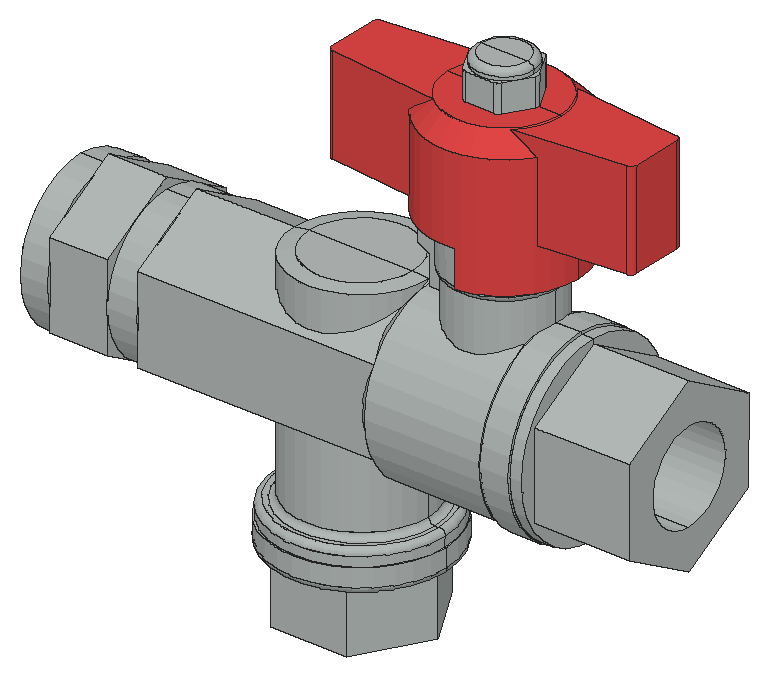
Revit family "QD36100000", category Apparecchi idraulici, Revit 2020
Family settings
  Quota connettore circolare = Usa diametro
  Tipo di parte = Normale
  Numero OmniClass = 23.45.00.00
  Titolo OmniClass = Sanitary, Laundry, and Cleaning Equipment
  Basato su piano di lavoro = No
  Sempre verticale = Sì
  Taglio con vuoti quando caricato = No
  Condiviso = No
  Punto di calcolo locali = No
Parameters
  URL = "https://web.cimberio.it/index.php/figura/593?subcategoria_id=89"
  Temperatura di esercizio = "-20 ÷ 90°C"
  Prospetto di default = 0 mm
  Produttore = "CIMBERIO SPA"
  Pressione nominale = "PN 16"
  Modello = "Cim 621"
  Materiale = "Prodotto in lega di ottone conforme alla norma EN 12165-CW617N-DW"
  Descrizione = "Utilizzato nei più svariati settori dell'impiantistica: impianti di riscaldamento, condizionamento, idrici, igienico-sanitari, aria compressa, reti di distribuzione oli, benzine, vapore saturo e in generale con ogni fluido non corrosivo"
  DN Model [instance] = QD36101015 : QD36101015
  DN [instance] = 15 mm
  Commenti sul tipo = "Realizzato in ottemperanza ai requisiti gestionali della norma EN ISO 9001.\r\nCollaudato al 100% secondo la normativa EN 12266-1"
Reference planes
  plane 1 "Centro (Fronte/Retro)": y = 0
  plane 2: z = 0
  plane 3 "Centro (Sinistra/Destra)": x = 0
Dimensions and locks
  aligned and locked: level to plane 2
Nested families
  nested 1: "QD36101015" at (0, 0, 0), type <- "DN Model", type "QD36101015"
  nested 2: "QD36101015" at (0, 0, 0), type <- "DN Model", type "QD36101015"
  nested 3: "QD36101015" at (0, 0, 0), type <- "DN Model", type "QD36101015"
  nested 4: "QD36101015" at (0, 0, 0), type <- "DN Model", type "QD36101015"
  nested 5: "QD36101015" at (0, 0, 0), type <- "DN Model", type "QD36101015"
  nested 6: "QD36101015" at (0, 0, 0), type <- "DN Model", type "QD36101015"
  nested 7: "QD36101015" at (0, 0, 0), type <- "DN Model", type "QD36101015"
  nested 8: "QD36101015" at (0, 0, 0), type <- "DN Model", type "QD36101015"
  nested 9: "QD36101015" at (0, 0, 0), type <- "DN Model", type "QD36101015"
Connectors
  piping at (30.3, 0, 0), diameter 15, driven by "DN"
    settings: on nested 1, index 1, connector inside diameter 609.6 mm, connector length 0 mm, flow factor 0, pipe flow 0.0 L/s, pressure drop 0.0 Pa, fitting loss kfactor 0, connector angle 0.00°, fixture units 0, engagement length 0 mm, angle of deflection 0.00°, flow configuration 0, flow direction 0, fitting loss method 0, system type 7, joint type 0, gender type 0, connector reference index -1, connector utility 0, adjustable connector no, is connector primary yes, connector description ""
  piping at (-70, 0, 0), diameter 15, driven by "DN"
    settings: on nested 1, index 2, connector inside diameter 609.6 mm, connector length 0 mm, flow factor 0, pipe flow 0.0 L/s, pressure drop 0.0 Pa, fitting loss kfactor 0, connector angle 0.00°, fixture units 0, engagement length 0 mm, angle of deflection 0.00°, flow configuration 0, flow direction 0, fitting loss method 0, system type 7, joint type 0, gender type 0, connector reference index -1, connector utility 0, adjustable connector no, is connector primary no, connector description ""
Definition of nested family "QD36101015"
  Parameters (values of type "QD36101015")
    Default Elevation = 0 mm
  Reference planes
    plane 1 "Centro (Fronte/Retro)": y = 0
    plane 2: z = 0
    plane 3 "Centro (Sinistra/Destra)": x = 0
  Forms (mm)
    Extrusion 1, solid
      sketch origin (0, 0, 0) x (0, 0, -1) y (0, 1, 0)
        loop
          circle (0, 0) r 7.5
        loop
          line (-14, 0) -> (-7, -12.124) -> (7, -12.124) -> (14, 0) -> (7, 12.124) -> (-7, 12.124) -> (-14, 0)
      from -50.5 to -11
    Extrusion 2, solid
      sketch origin (0, 0, 0) x (0, 0, 1) y (0, -1, 0)
        loop
          circle (0, 0) r 7.5
        loop
          line (14.05, 0) -> (7.025, 12.168) -> (-7.025, 12.168) -> (-14.05, 0) -> (-7.025, -12.168) -> (7.025, -12.168) -> (14.05, 0)
      from 14.6 to 30.3
    Revolve 3, solid
      sketch origin (0, 0, 2.5) x (1, 0, 0) y (0, 0, 1)
        loop
          line (0, 43.3) -> (-9.25, 43.3) -> (-12.25, 40.3) -> (-12.25, 20.3) -> (-7.802, 20.3) -> (-7.802, 39.889) -> (0, 39.889) -> (0, 43.3)
        axis (0, 43.3) -> (0, 20.3)
      angle from 0 to 360
    Extrusion 4, void
      sketch origin (0, 0, 0) x (1, 0, 0) y (0, 1, 0)
        loop
          arc (-12.226, -0.772) -> (-7.782, -9.46) -> (1.6, -12.145) r 12.25
          line (1.6, -12.145) -> (1.6, -7.898)
          arc (1.6, -7.898) -> (-2.859, -5.409) -> (-4.999, -0.772) r 8.25
          line (-4.999, -0.772) -> (-12.226, -0.772)
      from 21.96 to 28.8
    Extrusion 5, solid
      sketch origin (-0.001, 0, 0) x (1, -0.000098, 0) y (0.000098, 1, 0)
        loop
          arc (-2.307, 5) -> (-2.809, 4.865) -> (-3.177, 4.498) r 1.004
          line (-3.177, 4.498) -> (-5.487, 0.496)
          arc (-5.487, 0.496) -> (-5.62, 0) -> (-5.487, -0.496) r 0.992
          line (-5.487, -0.496) -> (-3.188, -4.478)
          arc (-3.188, -4.478) -> (-2.806, -4.86) -> (-2.284, -5) r 1.043
          line (-2.284, -5) -> (2.288, -5)
          arc (2.288, -5) -> (2.806, -4.861) -> (3.186, -4.481) r 1.038
          line (3.186, -4.481) -> (5.496, -0.481)
          arc (5.496, -0.481) -> (5.625, 0) -> (5.496, 0.481) r 0.963
          line (5.496, 0.481) -> (3.176, 4.499)
          arc (3.176, 4.499) -> (2.809, 4.866) -> (2.309, 5) r 1.001
          line (2.309, 5) -> (-2.307, 5)
      from 45.8 to 50.3
    Revolve 6, solid
      sketch origin (0, 0, 0) x (1, 0, 0) y (0, 0, 1)
        loop
          line (0, 51.8) -> (0, 49.926) -> (4.75, 49.926) -> (4.75, 50.8)
          arc (4.75, 50.8) -> (4.457, 51.507) -> (3.75, 51.8) r 1
          line (3.75, 51.8) -> (0, 51.8)
        axis (0, 51.8) -> (0, 49.926)
      angle from 0 to 360
    Revolve 7, solid
      sketch origin (0, 0, 0) x (1, 0, 0) y (0, 0, 1)
        loop
          line (0.067, 27.3) -> (-9, 27.3) -> (-8.874, 20.742)
          arc (-8.874, 20.742) -> (-8.731, 20.295) -> (-8.367, 20) r 0.819
          line (-8.367, 20) -> (-8.367, 7.3) -> (0.067, 7.3) -> (0.067, 27.3)
        axis (0.067, 7.3) -> (0.067, 27.3)
      angle from 0 to 360
    Revolve 8, solid
      sketch origin (0, 0, 0) x (1, 0, 0) y (0, 0, 1)
        loop
          line (12.6, -7.5) -> (-13.15, -7.5) -> (-13.15, -12.65) -> (-11.5, -14.3) -> (7.5, -14.3)
          arc (7.5, -14.3) -> (7.635, -14.732) -> (8, -15) r 0.726
          line (8, -15) -> (12.6, -15) -> (12.6, -7.5)
        axis (12.6, 0) -> (-13.15, 0)
      angle from 0 to 360
    Revolve 9, solid
      sketch origin (0, 0, 0) x (1, 0, 0) y (0, 0, 1)
        loop
          line (12.6, 14.75) -> (12.6, 7.5) -> (14.6, 7.5) -> (14.6, 14.75) -> (12.6, 14.75)
        axis (12.6, 0) -> (14.6, 0)
      angle from 0 to 360
    Extrusion 10, solid
      sketch origin (0, 0, 0) x (1, 0, 0) y (0, 0, 1)
        loop
          line (-13, 26.3) -> (-13, 20) -> (-11, 18.845) -> (-11, 12.307) -> (-7.367, 12.307) -> (-7.367, 26.3) -> (-13, 26.3)
      from 0 to 1.5
    Extrusion 11, solid
      sketch origin (0, 0, 0) x (1, 0, 0) y (0, 1, 0)
        loop
          line (-25, 4.095) -> (-25, -4.095)
          arc (-25, -4.095) -> (-24.741, -4.766) -> (-24.099, -5.09) r 1
          line (-24.099, -5.09) -> (0, -7.495) -> (24.099, -5.09)
          arc (24.099, -5.09) -> (24.741, -4.766) -> (25, -4.095) r 1
          line (25, -4.095) -> (25, 4.095)
          arc (25, 4.095) -> (24.741, 4.766) -> (24.099, 5.09) r 1
          line (24.099, 5.09) -> (0, 7.495) -> (-24.099, 5.09)
          arc (-24.099, 5.09) -> (-24.741, 4.766) -> (-25, 4.095) r 1
      from 29.84 to 45.713
    Revolve 12, solid
      sketch origin (0, 0, 0) x (1, 0, 0) y (0, 0, 1)
        loop
          line (-37.5, -24.428) -> (-37.5, -27.428)
          arc (-37.5, -27.428) -> (-37.207, -28.135) -> (-36.5, -28.428) r 1
          line (-36.5, -28.428) -> (-31, -28.428) -> (-31, -24.428) -> (-37.5, -24.428)
        axis (-23.5, -28.428) -> (-23.5, -24.428)
      angle from 0 to 360
    Revolve 13, solid
      sketch origin (0, 0, 0) x (1, 0, 0) y (0, 0, 1)
        loop
          line (-31, -21.928) -> (-36.25, -21.928)
          arc (-36.25, -21.928) -> (-36.957, -22.221) -> (-37.25, -22.928) r 1
          line (-37.25, -22.928) -> (-37.25, -24.428) -> (-31, -24.428) -> (-31, -21.928)
        axis (-23.5, -24.428) -> (-23.5, -21.928)
      angle from 0 to 360
    Revolve 14, solid
      sketch origin (0, 0, 0) x (1, 0, 0) y (0, 0, 1)
        loop
          line (-31, -21.928) -> (-31, 11.872) -> (-23.5, 11.872) -> (-23.5, 14.372) -> (-32, 14.372)
          arc (-32, 14.372) -> (-33.259, 14.247) -> (-34.5, 14) r 13.001
          line (-34.5, 14) -> (-34.5, -20.928)
          arc (-34.5, -20.928) -> (-34.793, -21.635) -> (-35.5, -21.928) r 1
          line (-35.5, -21.928) -> (-31, -21.928)
        axis (-23.5, -21.928) -> (-23.5, 14.372)
      angle from 0 to 360
    Extrusion 15, solid
      sketch origin (-23.5, 0, -24.428) x (0, 1, 0) y (1, 0, 0)
        loop
          circle (0, 0) r 7.5
        loop
          line (0, 12.5) -> (-10.825, 6.25) -> (-10.825, -6.25) -> (0, -12.5) -> (10.825, -6.25) -> (10.825, 6.25) -> (0, 12.5)
      from 3 to 14
    Extrusion 16, solid
      sketch origin (-14.5, 0, 0) x (0, 0, -1) y (0, 1, 0)
        loop
          circle (0, 0) r 7.5
        loop
          line (-14, 0) -> (-7, -12.124) -> (7, -12.124) -> (14, 0) -> (7, 12.124) -> (-7, 12.124) -> (-14, 0)
      from -50.5 to -41
    Revolve 17, solid
      sketch origin (0, 0, 0) x (1, 0, 0) y (0, 0, 1)
        loop
          line (-65, 12.5) -> (-69.5, 12.5) -> (-70, 11.786) -> (-70, 7.5) -> (-65, 7.5) -> (-65, 12.5)
        axis (-70, 0) -> (-65, 0)
      angle from 0 to 360
    Revolve 18, solid
      sketch origin (0, 0, 0) x (1, 0, 0) y (0, 0, 1)
        loop
          line (-55.5, 12.25) -> (-55.5, 7.5) -> (-50.5, 7.5) -> (-50.5, 12.25) -> (-55.5, 12.25)
        axis (-55.5, 0) -> (-50.5, 0)
      angle from 0 to 360
  Cuts and joins
    Extrusion 4 cuts Revolve 3
    joined: Revolve 7, Revolve 8
    joined: Extrusion 1, Revolve 14
  Dimensions and locks
    aligned and locked: level to plane 2
